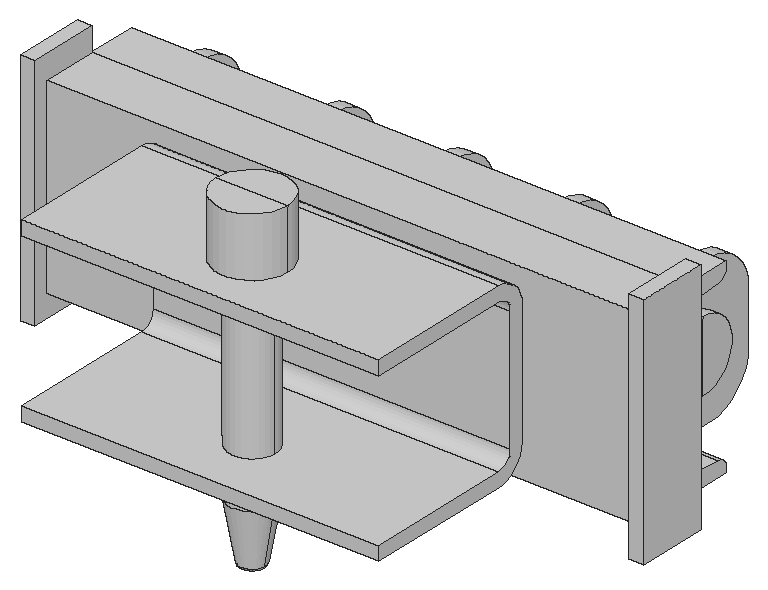
Revit family "ORMA_HEAD SBU ORMA_1908950", category Generic Models, Revit 2018
Family settings
  Can host rebar = No
  Round Connector Dimension = Use Diameter
  Part Type = Normal
  OmniClass Number = 35.51.14.00
  OmniClass Title = FORMWORK
  Work Plane-Based = Yes
  Always vertical = No
  Cut with Voids When Loaded = No
  Shared = Yes
  Room Calculation Point = No
Parameters
  VERSION = "20170217"  # constant formula
  URL = "www.ulmaconstruction.com/en"
  UNICLASS = ""
  Manufacturer = "ULMA CONSTRUCTION"  # constant formula
  ITEM_CODE = "1908950"
  FILTER [instance] = ""
  Default Elevation = 0.000 mm
  CLASSIFICATION_TITLE = ""
  CLASSIFICATION_NUMBER = ""
Reference planes
  plane 1 "Centro (Frontal/Posterior)": y = 0
  plane 2: z = 0
  plane 3 "Centro (Izquierda/Derecha)": x = 0
  plane 4 "HARIXA": z = 15
Forms (mm)
  Revolve 1, solid, material "ULMA ZINC"
    sketch origin (0, 0, 0) x (-1, 0, 0) y (0, 0, 1)
      loop
        line (15, 33) -> (0, 33) -> (0, -107) -> (4.511, -107)
        arc (4.511, -107) -> (5.157, -106.765) -> (5.5, -106.17) r 1.004
        line (5.5, -106.17) -> (9.75, -82) -> (9.75, 8) -> (15, 8) -> (15, 33)
      axis (0, 33) -> (0, -107)
    angle from 0 to 360
  Extrusion 2, solid, material "ULMA ZINC"
    sketch origin (0, 0, 0) x (0, -1, 0) y (0, 0, 1)
      loop
        arc (-48, -56) -> (-46.392, -62) -> (-42, -66.392) r 12
        arc (-42, -66.392) -> (-39.106, -67.591) -> (-36, -68) r 12
        line (-36, -68) -> (27, -68) -> (27, -62) -> (-36, -62)
        arc (-36, -62) -> (-40.243, -60.243) -> (-42, -56) r 6
        line (-42, -56) -> (-42, -4)
        arc (-42, -4) -> (-40.243, 0.243) -> (-36, 2) r 6
        line (-36, 2) -> (27, 2) -> (27, 8) -> (-36, 8)
        arc (-36, 8) -> (-39.106, 7.591) -> (-42, 6.392) r 12
        arc (-42, 6.392) -> (-46.392, 2) -> (-48, -4) r 12
        line (-48, -4) -> (-48, -56)
    from -75 to 75
  Extrusion 3, solid, material "ULMA ZINC"
    sketch origin (0, 0, 0) x (0, -1, 0) y (0, 0, 1)
      loop
        line (-93, 10) -> (-93, 7.493)
        arc (-93, 7.493) -> (-91.939, 4.779) -> (-89.319, 3.506) r 4
        line (-89.319, 3.506) -> (-72, 2.12) -> (-61.362, 1.269)
        arc (-61.362, 1.269) -> (-56.122, -1.279) -> (-54, -6.706) r 8
        line (-54, -6.706) -> (-54, -53.294)
        arc (-54, -53.294) -> (-56.122, -58.721) -> (-61.362, -61.269) r 8
        line (-61.362, -61.269) -> (-72, -62.12) -> (-89.319, -63.506)
        arc (-89.319, -63.506) -> (-91.939, -64.779) -> (-93, -67.493) r 4
        line (-93, -67.493) -> (-93, -70) -> (-72, -70) -> (-48, -70) -> (-48, 10) -> (-72, 10) -> (-93, 10)
    from -125 to 125
  Extrusion 4, solid, material "ULMA ZINC"
    sketch origin (0, 0, 0) x (0, -1, 0) y (0, 0, 1)
      loop
        line (-42, 20) -> (-72, 20) -> (-72, -80) -> (-42, -80) -> (-42, 20)
    from 125 to 131
  Extrusion 5, solid, material "ULMA ZINC"
    sketch origin (256, 0, 0) x (0, -1, 0) y (0, 0, 1)
      loop
        line (-42, 20) -> (-72, 20) -> (-72, -80) -> (-42, -80) -> (-42, 20)
    from 125 to 131
  Extrusion 6, solid, material "ULMA ZINC"
    sketch origin (56.5, 0, 0) x (0, -1, 0) y (0, 0, 1)
      loop
        line (-64, -61) -> (-54, -51) -> (-54, -9) -> (-64, 1) -> (-72, 1) -> (-104, 1)
        arc (-104, 1) -> (-118.142, -4.858) -> (-124, -19) r 20
        line (-124, -19) -> (-124, -41)
        arc (-124, -41) -> (-118.142, -55.142) -> (-104, -61) r 20
        line (-104, -61) -> (-72, -61) -> (-64, -61)
    from 103.5 to 109.5
  Extrusion 7, solid, material "ULMA ZINC"
    sketch origin (106.5, 0, 0) x (0, -1, 0) y (0, 0, 1)
      loop
        line (-64, -61) -> (-54, -51) -> (-54, -9) -> (-64, 1) -> (-72, 1) -> (-104, 1)
        arc (-104, 1) -> (-118.142, -4.858) -> (-124, -19) r 20
        line (-124, -19) -> (-124, -41)
        arc (-124, -41) -> (-118.142, -55.142) -> (-104, -61) r 20
        line (-104, -61) -> (-72, -61) -> (-64, -61)
    from 103.5 to 109.5
  Revolve 8, solid, material "ULMA ZINC"
    sketch origin (0, 94, 0) x (1, 0, 0) y (0, 0, 1)
      loop
        line (-114.5, -15) -> (-114.5, -30) -> (114.5, -30) -> (114.5, -15) -> (109.5, -15) -> (109.5, -20) -> (-109.5, -20) -> (-109.5, -15) -> (-114.5, -15)
      axis (-114.5, -30) -> (114.5, -30)
    angle from 0 to 360
  Extrusion 9, solid, material "ULMA ZINC"
    sketch origin (156.5, 0, 0) x (0, -1, 0) y (0, 0, 1)
      loop
        line (-64, -61) -> (-54, -51) -> (-54, -9) -> (-64, 1) -> (-72, 1) -> (-104, 1)
        arc (-104, 1) -> (-118.142, -4.858) -> (-124, -19) r 20
        line (-124, -19) -> (-124, -41)
        arc (-124, -41) -> (-118.142, -55.142) -> (-104, -61) r 20
        line (-104, -61) -> (-72, -61) -> (-64, -61)
    from 103.5 to 109.5
  Extrusion 10, solid, material "ULMA ZINC"
    sketch origin (0, 0, 0) x (0, -1, 0) y (0, 0, 1)
      loop
        line (-64, -61) -> (-54, -51) -> (-54, -9) -> (-64, 1) -> (-72, 1) -> (-104, 1)
        arc (-104, 1) -> (-118.142, -4.858) -> (-124, -19) r 20
        line (-124, -19) -> (-124, -41)
        arc (-124, -41) -> (-118.142, -55.142) -> (-104, -61) r 20
        line (-104, -61) -> (-72, -61) -> (-64, -61)
    from 103.5 to 109.5
  Extrusion 11, solid, material "ULMA ZINC"
    sketch origin (213, 0, 0) x (0, -1, 0) y (0, 0, 1)
      loop
        line (-64, -61) -> (-54, -51) -> (-54, -9) -> (-64, 1) -> (-72, 1) -> (-104, 1)
        arc (-104, 1) -> (-118.142, -4.858) -> (-124, -19) r 20
        line (-124, -19) -> (-124, -41)
        arc (-124, -41) -> (-118.142, -55.142) -> (-104, -61) r 20
        line (-104, -61) -> (-72, -61) -> (-64, -61)
    from 103.5 to 109.5
Lines and regions (mm)
  model lines, style "ULMA WORKING PLATFORMS", detail levels fine
    curve 1: circle (-47, 94, -30) r 10.5 normal (1, 0, 0)
    curve 2: circle (-53, 94, -30) r 10.5 normal (1, 0, 0)
    curve 3: circle (103.5, 94, -30) r 10.5 normal (-1, 0, 0)
    curve 4: circle (109.5, 94, -30) r 10.5 normal (-1, 0, 0)
    curve 5: circle (-3, 94, -30) r 10.5 normal (-1, 0, 0)
    curve 6: circle (3, 94, -30) r 10.5 normal (-1, 0, 0)
    curve 7: circle (-53, 94, -30) r 10.5 normal (-1, 0, 0)
    curve 8: circle (-47, 94, -30) r 10.5 normal (-1, 0, 0)
    curve 9: circle (-109.5, 94, -30) r 10.5 normal (-1, 0, 0)
    curve 10: circle (-103.5, 94, -30) r 10.5 normal (-1, 0, 0)
    curve 11: circle (53, 94, -30) r 10.5 normal (-1, 0, 0)
    curve 12: circle (53, 94, -30) r 10.5 normal (-1, 0, 0)
    curve 13: circle (47, 94, -30) r 10.5 normal (-1, 0, 0)
    curve 14: circle (47, 94, -30) r 10.5 normal (-1, 0, 0)
    curve 15: arc (-2, 10.308, 8) -> (-10.5, 0, 8) -> (-2, -10.308, 8) r 10.5
    curve 16: arc (-2, -10.308, 8) -> (0, -10.5, 8) -> (2, -10.308, 8) r 10.5
    curve 17: arc (2, -10.308, 8) -> (6.006, -8.613, 8) -> (8.981, -5.44, 8) r 10.5
    curve 18: arc (8.981, -5.44, 8) -> (9.271, -4.929, 8) -> (9.532, -4.404, 8) r 10.5
    curve 19: arc (9.532, -4.404, 8) -> (10.255, -2.254, 8) -> (10.5, 0, 8) r 10.5
    curve 20: arc (10.5, 0, 8) -> (8.101, 6.68, 8) -> (2, 10.308, 8) r 10.5
    curve 21: arc (2, 10.308, 8) -> (0, 10.5, 8) -> (-2, 10.308, 8) r 10.5
    curve 22: arc (-2, 10.308, -68) -> (-10.5, 0, -68) -> (-2, -10.308, -68) r 10.5
    curve 23: arc (-2, -10.308, -68) -> (0, -10.5, -68) -> (2, -10.308, -68) r 10.5
    curve 24: arc (2, -10.308, -68) -> (6.006, -8.613, -68) -> (8.981, -5.44, -68) r 10.5
    curve 25: arc (8.981, -5.44, -68) -> (9.271, -4.929, -68) -> (9.532, -4.404, -68) r 10.5
    curve 26: arc (9.532, -4.404, -68) -> (10.255, -2.254, -68) -> (10.5, 0, -68) r 10.5
    curve 27: arc (10.5, 0, -68) -> (8.101, 6.68, -68) -> (2, 10.308, -68) r 10.5
    curve 28: arc (2, 10.308, -68) -> (0, 10.5, -68) -> (-2, 10.308, -68) r 10.5
Dimensions and locks
  aligned and locked: level to plane 2
